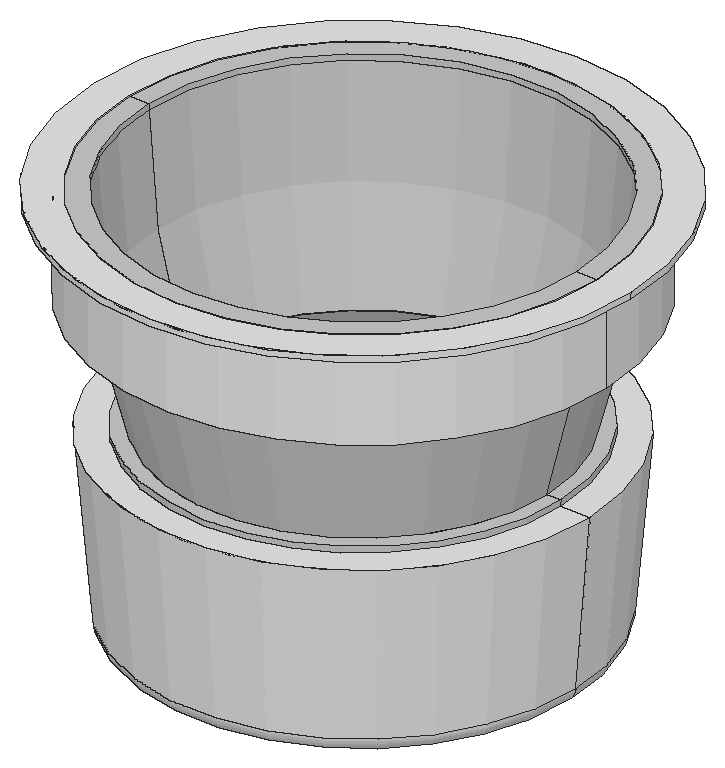
Revit family "2059359 Lighting Fixture_Sylvania_Ascent 150 II Round_Ceiling Recessed", category Lighting Fixtures, host Face, Revit 2017
Family settings
  Host = Face
  Round Connector Dimension = Use Diameter
  Part Type = Normal
  OmniClass Number = 23.80.70.11.17
  OmniClass Title = Specialized Lighting by Location or Use
  Cut with Voids When Loaded = No
  Light Source = Yes
  Shared = No
  Room Calculation Point = No
Parameters (values of type "ASCENT 150 II 2200 3K DALI EM")
  Upper Body Radius = Radius - 14.5 mm  # 80.0 mm
  Upper Body Material = Metal_Sylvania_Ascent 150 II_Black
  Ring Outer Diameter = Diameter - 17.0 mm  # 172.0 mm
  Ring Inner Diameter = Ring Outer Diameter - 4.0 mm  # 168.0 mm
  Reflector Material = Metal_Sylvania_Ascent 150 II_Polished
  Recessed Depth = 142.0 mm
  Radius = Diameter / 2  # 94.5 mm
  Light Emit  Diameter = Diameter - 38.0 mm  # 151.0 mm
  LOR = "100%"  # constant formula
  Inrush Current (max. quantity per 16A C breaker) = "80"  # constant formula
  Inner Reflector Radius = Inner Radius - 19.5 mm  # 63.0 mm
  Inner Radius = Inner Diameter / 2  # 82.5 mm
  Inner Diameter = Diameter - 24.0 mm  # 165.0 mm
  IP Rating = "IP44"  # constant formula
  IK Rating = "IK02"  # constant formula
  Glow Wire Test = 650 °C  # constant formula
  Energy Class = "A++,A+,A"  # constant formula
  Weight = 2.45 kg
  Wattage = 2.86179 W
  built-in parameter 1150110 = 1 (stored number, unit not read)
  Voltage Comments = "UNV (Universal Voltage; 220-240 Volt)"  # constant formula
  Voltage = 230 V  # constant formula
  URL = "https://www.sylvania-lighting.com"
  built-in parameter 1114217 = 1 (stored number, unit not read)
  Tilt Angle = -90°
  built-in parameter 1150109 = 1 (stored number, unit not read)
  built-in parameter 1150134 = (empty or 0)
  built-in parameter 1150113 = 1 (stored number, unit not read)
  Product Page URL = "https://www.sylvania-lighting.com/product/en-int/products/2059359"
  Product Family = "ASCENT 150 II ROUND"  # constant formula
  Photometry Comments = ""
  Photometric Web File = "2059359_ASCENT150II22003KDALIEM-206406.ies"
  Life = "50 000 h"  # constant formula
  Emit from Circle Diameter = Light Emit  Diameter  # 151.0 mm
  Emit Shape Visible in Rendering = no
  Emergency duration (h) = "N/A"
  Electrical Protection = "Class II"  # constant formula
  Drive Current = "700mA"  # constant formula
  Distribution type = "Direct"  # constant formula
  Diffuser Material = Glass_Sylvania_Ascent 150 II_Clear_3000K
  Diameter = 189.0 mm
  Cutout Diameter = Diameter - 13.0 mm  # 176.0 mm
  Colour consistency (SDCM) = "3 step"  # constant formula
  built-in parameter 1114216 [instance] = 1 (stored number, unit not read)
  Model = "ASCENT 150 II 2200 3K DALI EM"
  Manufacturer = "Feilo Sylvania"
  built-in parameter 1150105 = 215.42 (stored number, unit not read)
  Lumens = 352 lm
  built-in parameter 1150115 = 1 (stored number, unit not read)
  built-in parameter 1150137 = (empty or 0)
  built-in parameter 1150139 = (empty or 0)
  built-in parameter 1150112 = 1 (stored number, unit not read)
  built-in parameter 1150114 = 1 (stored number, unit not read)
  Lamp Comments = "Integrated LED"  # constant formula
  Lamp = "LED"  # constant formula
  built-in parameter 1150132 = 2
  built-in parameter 1150102 = (empty or 0)
  built-in parameter 1150107 = 3000 (stored number, unit not read)
  built-in parameter 1150138 = (empty or 0)
  built-in parameter 1150106 = 2.1542 (stored number, unit not read)
  built-in parameter 1150104 = 11.427 (stored number, unit not read)
  Dimming Lamp Color Temperature Shift = <None>
  Description = "A very high efficient round downlight up to 127lm/W Long life >50,000hrs 4,000K and 3,000K CCT and CRI Ra85 IP44 rated for wet areas and bathrooms UGR <19 version for offices to comply with EN12464-1 Wide selection of decorative accessories"  # constant formula
  Default Elevation = 0.0 mm
  Color Filter = 16777215
  Catalog Number = "2059359 ASCENT 150 II 2200 3K DALI EM"
  built-in parameter 1140040 [instance] = 1
  CRI (Ra) = ">80"  # constant formula
  built-in parameter 1114218 = 1 (stored number, unit not read)
  built-in parameter 1150133 = 10 (stored number, unit not read)
  Assembly Code = "D5020200"
  Apparent Load Comments = ""
  Apparent Load = 14 VA
  Accessory Material = Aluminum_Sylvania_Ascent 150 II_White
Reference planes
  plane 1 "Center (Front/Back)": y = 0
  plane 2: z = 0
  plane 3 "Center (Left/Right)": x = 0
  plane 4: z = 2
  plane 5: z = -74
  plane 6 "Fixture Top": z = -140
  plane 7: z = -31
  plane 8: z = -72
  plane 9: z = -62.037
Forms (mm)
  Extrusion 1, solid, material "Aluminum_Sylvania_Ascent 150 II_White" <- "Accessory Material", detail levels fine
    sketch origin (0, 0, 0) x (1, 0, 0) y (0, 1, 0)
      loop
        circle (0, 0) r 94.5
      loop
        circle (0, 0) r 82.5
    from 0 to 2
  Extrusion 2, void
    sketch origin (0, 0, 0) x (1, 0, 0) y (0, 1, 0)
      loop
        circle (0, 0) r 88
    from -140 to 2
  Revolve 3, solid, material "Metal_Sylvania_Ascent 150 II_Polished" <- "Reflector Material", detail levels fine
    sketch origin (0, 0, 0) x (1, 0, 0) y (0, 0, 1)
      loop
        line (-82.5, 0) -> (-77.5, 0)
        arc (-77.5, 0) -> (-74.352, -36.539) -> (-65, -72) r 213.61
        line (-65, -72) -> (-70, -72) -> (-70, -74) -> (0, -74) -> (0, -72) -> (-63, -72)
        arc (-63, -72) -> (-72.352, -36.539) -> (-75.5, 0) r 213.61
        line (-75.5, 0) -> (-75.5, 2) -> (-82.5, 2) -> (-82.5, 0)
      axis (0, 2) -> (0, -74)
    angle from 0 to 360
  Extrusion 4, solid, material "Aluminum_Sylvania_Ascent 150 II_White" <- "Accessory Material", detail levels fine
    sketch origin (0, 0, 0) x (1, 0, 0) y (0, 1, 0)
      loop
        circle (0, 0) r 86
      loop
        circle (0, 0) r 84
    from -31 to 0
  Revolve 5, solid, material "Glass_Sylvania_Ascent 150 II_Clear_3000K" <- "Diffuser Material", detail levels fine
    sketch origin (0, 0, 0) x (1, 0, 0) y (0, 0, 1)
      loop
        line (-63, -72) -> (0, -72) -> (0, -62.037)
        arc (0, -62.037) -> (-31.891, -64.543) -> (-63, -72) r 204.163
      axis (0, -62.037) -> (0, -72)
    angle from 0 to 360
  Revolve 6, solid, material "Metal_Sylvania_Ascent 150 II_Black" <- "Upper Body Material", detail levels fine
    sketch origin (0, 0, 0) x (1, 0, 0) y (0, 0, 1)
      loop
        line (0, -74) -> (-80, -74) -> (-75.107, -129.929)
        arc (-75.107, -129.929) -> (-73.452, -133.536) -> (-69.924, -135.353) r 6.079
        arc (-69.924, -135.353) -> (-35.039, -138.837) -> (0, -140) r 528.435
        line (0, -140) -> (0, -74)
      axis (0, -74) -> (0, -140)
    angle from 0 to 360
  Revolve 7, solid, material "Aluminum_Sylvania_Ascent 150 II_White" <- "Accessory Material", detail levels coarse+medium
    sketch origin (0, 0, 0) x (1, 0, 0) y (0, 0, 1)
      loop
        arc (-69.924, -135.353) -> (-35.039, -138.837) -> (0, -140) r 528.435
        line (0, -140) -> (0, 2) -> (-94.5, 2) -> (-94.5, 0) -> (-86, 0) -> (-86, -31)
        arc (-86, -31) -> (-84.493, -52.708) -> (-80, -74) r 157.083
        line (-80, -74) -> (-75.107, -129.929)
        arc (-75.107, -129.929) -> (-73.452, -133.536) -> (-69.924, -135.353) r 6.079
      axis (0, 2) -> (0, -140)
    angle from 0 to 360
Cuts and joins
  joined: Extrusion 1, Extrusion 4
Lines and regions (mm)
  Masking region 1
    outline origin (0, 0, 0) x (1, 0, 0) y (0, 1, 0)
      loop
        circle (0, 0) r 94.5
  symbolic lines, detail levels fine
    curve 1: arc (-75.5, 0, 0) -> (0, 75.5, 0) -> (75.5, 0, 0) r 75.5
    curve 2: arc (75.5, 0, 0) -> (0, -75.5, 0) -> (-75.5, 0, 0) r 75.5
Dimensions and locks
  plane 4 to plane 2 to plane 7 to plane 9 to plane 8 to plane 5 = 2.0 mm locked, 31.0 mm locked, 31.037 mm locked, 9.963 mm locked, 2.0 mm locked
  "Inner Radius": plane 3 "Center (Left/Right)" to Revolve 3 sketch curve
  locked: Revolve 3 sketch curve to Revolve 3 sketch curve at 7
  Revolve 3 sketch curve to Revolve 3 sketch curve to Revolve 3 sketch curve to Revolve 3 sketch curve = 2.0 mm locked, 5.0 mm locked, 12.5 mm locked
  "Inner Reflector Radius": Revolve 5 sketch curve to imposter light
  Revolve 6 sketch curve to Revolve 6 sketch curve to plane 6 "Fixture Top" = 5.424 mm locked, 4.647 mm locked
  "Recessed Depth": plane 4 to plane 6 "Fixture Top"
  "Upper Body Radius": plane 3 "Center (Left/Right)" to Revolve 6 sketch curve
  Revolve 6 sketch curve to Revolve 6 sketch curve to Revolve 6 sketch curve = 4.893 mm locked, 5.183 mm locked
  Revolve 7 sketch curve to Revolve 7 sketch curve to plane 6 "Fixture Top" = 5.424 mm locked, 4.647 mm locked
  Revolve 7 sketch curve to Revolve 7 sketch curve to Revolve 7 sketch curve to Revolve 7 sketch curve to Revolve 7 sketch curve = 8.5 mm locked, 6.0 mm locked, 4.893 mm locked, 5.183 mm locked
  "Radius": plane 3 "Center (Left/Right)" to Revolve 7 sketch curve
  "Diameter": diameter of Extrusion 1 sketch curve
  "Inner Diameter": diameter of Extrusion 1 sketch curve
  "Cutout Diameter": diameter of Extrusion 2 sketch curve
  "Ring Outer Diameter": diameter of Extrusion 4 sketch curve
  "Ring Inner Diameter": diameter of Extrusion 4 sketch curve
  aligned and locked: plane 2 to host face
  aligned and locked: level to host face
  aligned and locked: imposter light to plane 3 "Center (Left/Right)"
  aligned and locked: imposter light to plane 1 "Center (Front/Back)"
  aligned and locked: Extrusion 1 to plane 2
  aligned and locked: plane 4 to Extrusion 1
  aligned and locked: imposter light to plane 4
  aligned and locked: imposter light to Revolve 3 sketch curve
  aligned and locked: Revolve 3 sketch curve to imposter light
  aligned and locked: Revolve 3 sketch curve to plane 2
  aligned and locked: Revolve 3 sketch curve to Revolve 3 sketch curve
  aligned and locked: plane 5 to Revolve 3 sketch curve
  aligned and locked: Extrusion 4 to plane 7
  aligned and locked: Revolve 3 sketch curve to plane 8
  aligned and locked: Revolve 5 sketch curve to plane 8
  aligned and locked: imposter light to Revolve 5 sketch curve  (x2)
  aligned and locked: imposter light to Revolve 6 sketch curve  (x2)
  aligned and locked: plane 5 to Revolve 6 sketch curve
  aligned and locked: plane 6 "Fixture Top" to Revolve 6 sketch curve
  aligned and locked: Revolve 7 sketch curve to plane 2
  aligned and locked: plane 4 to Revolve 7 sketch curve
  aligned and locked: plane 7 to Revolve 7 sketch curve
  aligned and locked: imposter light to Extrusion 2
  aligned and locked: Extrusion 2 to plane 6 "Fixture Top"
  aligned and locked: Masking region 1 sketch curve to Revolve 7  (x2)
  aligned and locked: curve 1 to Revolve 3
  aligned and locked: curve 2 to Revolve 3
Automatic sketch dimensions
  host sketch curve to host sketch curve = 1040.406 mm
  host sketch curve to host sketch curve = 988.385 mm
  Extrusion 1 sketch curve to Extrusion 1 sketch curve = 0.0 mm  (x2)
  plane 1 "Center (Front/Back)" to Extrusion 1 sketch curve = 0.0 mm
  Extrusion 1 sketch curve to plane 3 "Center (Left/Right)" = 0.0 mm
  plane 1 "Center (Front/Back)" to Extrusion 2 sketch curve = 0.0 mm
  Extrusion 2 sketch curve to plane 3 "Center (Left/Right)" = 0.0 mm
  Revolve 3 sketch curve to plane 3 "Center (Left/Right)" = 0.0 mm
  Revolve 3 sketch curve to level = 0.0 mm
  Revolve 3 sketch curve to Revolve 3 sketch curve = 2.0 mm
  Revolve 3 sketch curve to plane 5 = 27.065 mm
  plane 4 to Revolve 3 sketch curve = 16.525 mm
  Extrusion 4 sketch curve to Extrusion 4 sketch curve = 0.0 mm  (x2)
  plane 1 "Center (Front/Back)" to Extrusion 4 sketch curve = 0.0 mm
  Extrusion 4 sketch curve to plane 3 "Center (Left/Right)" = 0.0 mm
  Revolve 5 sketch curve to plane 9 = 0.0 mm
  Revolve 5 sketch curve to plane 5 = 17.158 mm
  Revolve 5 sketch curve to plane 7 = 15.158 mm
  Revolve 6 sketch curve to plane 7 = 0.0 mm
  Revolve 6 sketch curve to Revolve 6 sketch curve = 6.05 mm
  Revolve 6 sketch curve to plane 6 "Fixture Top" = 26.0 mm
  Revolve 7 sketch curve to plane 3 "Center (Left/Right)" = 0.0 mm  (x2)
  Revolve 7 sketch curve to plane 6 "Fixture Top" = 0.0 mm
  Revolve 7 sketch curve to plane 5 = 0.0 mm
  Revolve 7 sketch curve to plane 7 = 0.0 mm
  Revolve 7 sketch curve to Revolve 7 sketch curve = 0.866 mm
  Revolve 7 sketch curve to Revolve 7 sketch curve = 26.0 mm
Connectors
  electrical at (0, 0, -140), driven by "Apparent Load", driven by "Voltage"
    settings: index 1, voltage 230 V, apparent load 0 VA, apparent load phase1 14 VA, apparent load phase2 0 VA, apparent load phase3 0 VA, power factor 1, load classification "Lighting", number of poles 1, system type 31, power factor state 1, is connector primary yes, connector utility no, sub classification motor no, connector description ""
